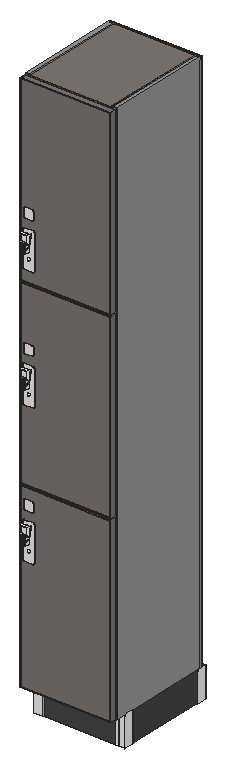
Revit family "Wood_Lockers_Hasps-Salsbury_Industries-43000_Series-1_Wide_Units.rfa", category Specialty Equipment, Revit 2016
Family settings
  Part Type = Normal
  Round Connector Dimension = Use Diameter
  OmniClass Number = 23.40.00.00
  OmniClass Title = Equipment and Furnishings
  Work Plane-Based = No
  Always vertical = Yes
  Cut with Voids When Loaded = No
  Shared = No
  Room Calculation Point = No
Parameters (values of type "43165")
  Width = 12.000"
  Version = "1.0  (01/31/24)"
  Unit Height including Sloping Hood Only [instance] = 77.743"
  Unit Height including Base Only [instance] = 76.000"
  URL = "www.lockers.com"
  Type Comments = "Premier Wood Lockers - Triple Tier - with Hasps"
  Total Doors Height [instance] = if(Unit Height = 72.000", 71.750", if(Unit Height = 60.000", 59.750", 0.000"))  # 71.750"
  Sloping Top Corner Filler - Right Side [instance] = Wood Locker Sloping Corner Fillers : None
  Sloping Top Corner Filler - Left Side [instance] = Wood Locker Sloping Corner Fillers : None
  Sloping In-Line Filler - Right Side [instance] = Wood Locker Sloping In-Line Fillers : None
  Sloping In-Line Filler - Left Side [instance] = Wood Locker Sloping In-Line Fillers : None
  Sloping Hood Height = if(Depth = 15.000", 5.743", if(Depth = 18.000", 6.868", if(Depth = 21.000", 7.993", if(Depth = 24.000", 9.118", 0.000"))))  # 5.743"
  Sloping Hood [instance] = Wood Locker Sloping Hoods : None
  Side Panel without Slope - Right Side [instance] = Wood Locker Side Panels-No Slope : None
  Side Panel without Slope - Left Side [instance] = Wood Locker Side Panels-No Slope : None
  Side Panel with Slope - Right Side [instance] = Wood Locker Side Panels-With Slope : None
  Side Panel with Slope - Left Side [instance] = Wood Locker Side Panels-With Slope : None
  Secondary Structure Materials = Particle Board Industrial Grade - Salsbury Finish - Black Melamine Overlay
  Primary Structure Materials = Particle Board Industrial Grade - Salsbury Finish - Plain
  Overall Unit Height including Base and Sloping Hood [instance] = 81.743"
  OmniClass 23 Title = "Equipment and Furnishings"
  OmniClass 23 Number = "23.40.00.00"
  Model = "43165"
  MasterFormat Title = "Lockers"
  MasterFormat Code = "10 51 23"
  Manufacturer = "Salsbury Industries"
  Laminate Surface [instance] = Industrial Grade Particleboard with Wood Laminate - Salsbury Finish - Skyline Walnut
  Interior Material = Textured Melamine - Salsbury Finish - White
  Individual Door Width [instance] = 11.875"
  Unit Height = 72.000"
  Individual Door Height = if(Unit Height = 72.000", 23.791", if(Unit Height = 60.000", 19.791", 0.000"))  # 23.791"
  Hardware = Aluminum - Salsbury Finish - Black Satin
  Front Vertical Filler - Right Side [instance] = Wood Locker Front Fillers : None
  Front Vertical Filler - Left Side [instance] = Wood Locker Front Fillers : None
  Front Corner Filler - Right Side [instance] = Wood Locker Front Corner Filler : None
  Front Corner Filler - Left Side [instance] = Wood Locker Front Corner Filler : None
  Flat Top In-Line Filler - Right Side [instance] = Wood Locker Flat In-Line Fillers : None
  Flat Top In-Line Filler - Left Side [instance] = Wood Locker Flat In-Line Fillers : None
  Flat Top Corner Filler - Right Side [instance] = Wood Locker Flat Corner Fillers : None
  Flat Top Corner Filler - Left Side [instance] = Wood Locker Flat Corner Fillers : None
  Fascia Filler [instance] = Wood Locker Fascia Fillers : None
  Double Side Panel without Slope - Right Side [instance] = Wood Locker Double Side Panels-No Slope : None
  Double Side Panel without Slope - Left Side [instance] = Wood Locker Double Side Panels-No Slope : None
  Double Side Panel with Slope - Right Side [instance] = Wood Locker Double Side Panels-With Slope : None
  Double Side Panel with Slope - Left Side [instance] = Wood Locker Double Side Panels-With Slope : None
  Door Location D3 = Premier Locker Doors_Hasp : Triple Tier Door-3 for Six Foot High Locker
  Door Location D2 = Premier Locker Doors_Hasp : Triple Tier Door-2 for Six Foot High Locker
  Door Location D1 = Premier Locker Doors_Hasp : Triple Tier Door-1 for Six Foot High Locker
  Description = "1 Wide - 6 Feet High - 15 inches Deep - with Base"
  Depth = 15.000"
  Compartment Width [instance] = 10.750"
  Compartment Height [instance] = if(Unit Height = 72.000", 23.000", if(Unit Height = 60.000", 19.000", 0.000"))  # 23.000"
  Compartment Depth [instance] = 13.750"
  Base Material = Particle Board Industrial Grade - Salsbury Finish - Black Melamine Overlay
  Base Height = 4.000"
  Base Depth [instance] = 13.250"
  Base = Wood Locker Bases : Base - 12" W x 15" D Lockers
  Assembly Code = "C1030310"
Reference planes (in)
  plane 1 "Center (Front/Back)": y = 0
  plane 2: z = 0
  plane 3 "Center (Left/Right)": x = 0
  plane 4 "Right Side of Unit": x = 6
  plane 5 "Left Side of Unit": x = -6
  plane 6 "Back of Unit": y = 7.5
  plane 7 "Front of Unit": y = -7.5
  plane 8 "Bottom of Base": z = 0
  plane 9 "Top Edge of Unit": z = 76
  plane 10 "Top of Base Edge": z = 4
  plane 11: z = 81.743
  plane 12 "Right Compartment Edge": x = 5.406
  plane 13 "Left Compartment Edge": x = -5.406
  plane 14 "Front Melamine Edge": y = -6.5
  plane 15 "Back Compartment Edge": y = 7.281
  plane 16 "Front Compartment Edge": y = -6.469
  plane 17 "Front Edge of Base": y = -5.125
  plane 18 "Bottom Edge of Door": z = 4.125
  plane 19 "Top Edge of Door": z = 75.875
  plane 20 "Bottom Compartment Edge": z = 4.75
  plane 21 "Top Compartment Edge": z = 75.25
  plane 22 "Center Top and Bottom": z = 40
  plane 23 "Left Melamine Edge": x = -5.375
  plane 24 "Right Melamine Edge": x = 5.375
  plane 25 "Back Melamine Edge": y = 7.25
  plane 26 "Left Edge of Door": x = -5.875
  plane 27: y = 8.125
  plane 28: y = -5.75
  plane 29 "Base / Ventillation Alignment": y = 8.125
  plane 30 "Compartment Shelf 2": z = 28.5
  plane 31: z = 27.75
  plane 32: z = 27.916
  plane 33: z = 28.104
  plane 34: z = 51.5
  plane 35 "Compartment Shelf 1": z = 52.25
  plane 36: z = 51.895
  plane 37: z = 52.083
  plane 38 "5" Shelf Top": z = 70.75
  plane 39: z = 70
  plane 40 "5" Shelf Center": z = 47
  plane 41: z = 46.25
  plane 42 "5" Shelf Bottom": z = 23.25
  plane 43: z = 22.5
  plane 44 "Front of Shelf": y = 2.25
  plane 45: y = 2.281
Forms (in)
  Extrusion 1, solid, material "Particle Board Industrial Grade - Salsbury Finish - Plain" <- "Primary Structure Materials"
    sketch origin (6, 0, 0) x (0, -1, 0) y (0, 0, 1)
      loop
        line (6.469, 76) -> (-7.25, 76) -> (-7.25, 4) -> (6.469, 4) -> (6.469, 76)
    from 0 to 0.594
  Extrusion 2, solid, material "Particle Board Industrial Grade - Salsbury Finish - Plain" <- "Primary Structure Materials"
    sketch origin (-6, 0, 0) x (0, -1, 0) y (0, 0, 1)
      loop
        line (-7.25, 76) -> (-7.25, 4) -> (6.469, 4) -> (6.469, 76) -> (-7.25, 76)
    from 0 to -0.594
  Extrusion 3, solid, material "Textured Melamine - Salsbury Finish - White" <- "Interior Material"
    sketch origin (0, 0, 4) x (0, -1, 0) y (1, 0, 0)
      loop
        line (-7.25, -5.375) -> (6.469, -5.375) -> (6.469, 5.375) -> (-7.25, 5.375) -> (-7.25, -5.375)
    from 0 to 0.75
  Extrusion 4, solid, material "Industrial Grade Particleboard with Wood Laminate - Salsbury Finish - Skyline Walnut" <- "Laminate Surface"
    sketch origin (0.375, 0.375, 76) x (1, 0, 0) y (0, 1, 0)
      loop
        line (-5.75, -6.875) -> (5, -6.875) -> (5, 6.875) -> (-5.75, 6.875) -> (-5.75, -6.875)
    from 0 to -0.75
  Extrusion 5, solid, material "Particle Board Industrial Grade - Salsbury Finish - Plain" <- "Primary Structure Materials"
    sketch origin (0, 7.5, 0) x (1, 0, 0) y (0, 0, 1)
      loop
        line (-6, 76) -> (-6, 4) -> (6, 4) -> (6, 76) -> (-6, 76)
    from 0 to 0.219
  Extrusion 6, solid, material "Industrial Grade Particleboard with Wood Laminate - Salsbury Finish - Skyline Walnut" <- "Laminate Surface"
    sketch origin (0, -6.469, 0) x (1, 0, 0) y (0, 0, 1)
      loop
        line (-6, 76) -> (-6, 4) -> (-5.375, 4) -> (-5.375, 76) -> (-6, 76)
    from 0 to 0.031
  Extrusion 7, solid, material "Industrial Grade Particleboard with Wood Laminate - Salsbury Finish - Skyline Walnut" <- "Laminate Surface"
    sketch origin (0, -6.469, 0) x (-1, 0, 0) y (0, 0, -1)
      loop
        line (-6, -76) -> (-5.375, -76) -> (-5.375, -4) -> (-6, -4) -> (-6, -76)
    from 0 to 0.031
  Extrusion 8, solid, material "Textured Melamine - Salsbury Finish - White" <- "Interior Material"
    sketch origin (0, 7.25, 0) x (1, 0, 0) y (0, 0, 1)
      loop
        line (-6, 76) -> (-6, 4) -> (6, 4) -> (6, 76) -> (-6, 76)
    from -0.031 to 0
  Extrusion 9, solid, material "Textured Melamine - Salsbury Finish - White" <- "Interior Material"
    sketch origin (-5.406, 0, 0) x (0, -1, 0) y (0, 0, 1)
      loop
        line (-7.25, 76) -> (-7.25, 4) -> (6.469, 4) -> (6.469, 76) -> (-7.25, 76)
    from 0 to -0.031
  Extrusion 10, solid, material "Textured Melamine - Salsbury Finish - White" <- "Interior Material"
    sketch origin (5.406, 0, 0) x (0, -1, 0) y (0, 0, 1)
      loop
        line (6.469, 76) -> (-7.25, 76) -> (-7.25, 4) -> (6.469, 4) -> (6.469, 76)
    from 0 to 0.031
  Extrusion 11, solid, material "Textured Melamine - Salsbury Finish - White" <- "Interior Material", detail levels fine
    sketch origin (0, 0, 28.5) x (0, -1, 0) y (1, 0, 0)
      loop
        line (-7.25, -5.375) -> (6.469, -5.375) -> (6.469, 5.375) -> (-7.25, 5.375) -> (-7.25, -5.375)
    from 0 to -0.75
  Extrusion 12, solid, material "Textured Melamine - Salsbury Finish - White" <- "Interior Material", detail levels fine
    sketch origin (0, 0, 52.25) x (0, -1, 0) y (1, 0, 0)
      loop
        line (-7.25, -5.375) -> (6.469, -5.375) -> (6.469, 5.375) -> (-7.25, 5.375) -> (-7.25, -5.375)
    from 0 to -0.75
  Extrusion 13, solid, material "Textured Melamine - Salsbury Finish - White" <- "Interior Material"
    sketch origin (0, 0, 70.75) x (0, -1, 0) y (1, 0, 0)
      loop
        line (-7.25, -5.375) -> (-2.281, -5.375) -> (-2.281, 5.375) -> (-7.25, 5.375) -> (-7.25, -5.375)
    from 0 to -0.75
  Extrusion 14, solid, material "Textured Melamine - Salsbury Finish - White" <- "Interior Material", detail levels fine
    sketch origin (0, 0, 47) x (0, -1, 0) y (1, 0, 0)
      loop
        line (-7.25, -5.375) -> (-2.281, -5.375) -> (-2.281, 5.375) -> (-7.25, 5.375) -> (-7.25, -5.375)
    from 0 to -0.75
  Extrusion 15, solid, material "Textured Melamine - Salsbury Finish - White" <- "Interior Material", detail levels fine
    sketch origin (0, 0, 23.25) x (0, -1, 0) y (1, 0, 0)
      loop
        line (-7.25, -5.375) -> (-2.281, -5.375) -> (-2.281, 5.375) -> (-7.25, 5.375) -> (-7.25, -5.375)
    from 0 to -0.75
  Extrusion 16, solid, material "Industrial Grade Particleboard with Wood Laminate - Salsbury Finish - Skyline Walnut" <- "Laminate Surface"
    sketch origin (0, -6.469, 0) x (1, 0, 0) y (0, 0, 1)
      loop
        line (-5.375, 52.25) -> (-5.375, 51.5) -> (5.375, 51.5) -> (5.375, 52.25) -> (-5.375, 52.25)
    from 0 to 0.031
  Extrusion 17, solid, material "Industrial Grade Particleboard with Wood Laminate - Salsbury Finish - Skyline Walnut" <- "Laminate Surface"
    sketch origin (0, -6.469, 0) x (1, 0, 0) y (0, 0, 1)
      loop
        line (-5.375, 28.5) -> (-5.375, 27.75) -> (5.375, 27.75) -> (5.375, 28.5) -> (-5.375, 28.5)
    from 0 to 0.031
  Extrusion 18, solid, material "Industrial Grade Particleboard with Wood Laminate - Salsbury Finish - Skyline Walnut" <- "Laminate Surface"
    sketch origin (0, -6.469, 0) x (1, 0, 0) y (0, 0, 1)
      loop
        line (-5.375, 4.75) -> (-5.375, 4) -> (5.375, 4) -> (5.375, 4.75) -> (-5.375, 4.75)
    from 0 to 0.031
  Extrusion 19, solid, material "Industrial Grade Particleboard with Wood Laminate - Salsbury Finish - Skyline Walnut" <- "Laminate Surface"
    sketch origin (0, 2.25, 0) x (1, 0, 0) y (0, 0, 1)
      loop
        line (-5.375, 23.25) -> (-5.375, 22.5) -> (5.375, 22.5) -> (5.375, 23.25) -> (-5.375, 23.25)
    from 0 to -0.031
  Extrusion 20, solid, material "Industrial Grade Particleboard with Wood Laminate - Salsbury Finish - Skyline Walnut" <- "Laminate Surface"
    sketch origin (0, 2.25, 0) x (1, 0, 0) y (0, 0, 1)
      loop
        line (-5.375, 47) -> (-5.375, 46.25) -> (5.375, 46.25) -> (5.375, 47) -> (-5.375, 47)
    from 0 to -0.031
  Extrusion 21, solid, material "Industrial Grade Particleboard with Wood Laminate - Salsbury Finish - Skyline Walnut" <- "Laminate Surface"
    sketch origin (0, 2.25, 0) x (1, 0, 0) y (0, 0, 1)
      loop
        line (-5.375, 70.75) -> (-5.375, 70) -> (5.375, 70) -> (5.375, 70.75) -> (-5.375, 70.75)
    from 0 to -0.031
Lines and regions (in)
  symbolic lines
    curve 1: line (-6, 7.25, 76) -> (6.00006, 7.25, 76)
    curve 2: line (-6, 7.25, 0) -> (-6, 7.25, 76)
    curve 3: line (6.00006, 7.25, 76) -> (6.00006, 7.25, 0)
    curve 4: line (5.406, -6.5, 76) -> (5.406, 8.125, 76)
    curve 5: line (5.406, -6.5, 0) -> (5.406, -6.5, 76)
    curve 6: line (5.406, 8.125, 76) -> (5.406, 8.125, 0)
    curve 7: line (6.00006, 7.25, 0) -> (-6, 7.25, 0)
    curve 8: line (5.406, -5.125, 0) -> (5.406, 8.125, 0)
    curve 9: line (5.406, 8.125, 0) -> (5.406, -5.125, 0)
    curve 10: line (5.406, -6.5, 0) -> (5.406, 8.125, 0)
    curve 11: line (-6, 8.125, 0) -> (6, 8.125, 0)
    curve 12: line (-6, -6.5, 0) -> (-6, 8.125, 0)
    curve 13: line (6, -6.5, 0) -> (-6, -6.5, 0)
    curve 14: line (6, 8.125, 0) -> (6, -6.5, 0)
Dimensions and locks (in)
  equal spacing: plane 5 "Left Side of Unit", plane 3 "Center (Left/Right)", plane 4 "Right Side of Unit"
  "Width": plane 5 "Left Side of Unit" to plane 4 "Right Side of Unit"
  equal spacing: plane 7 "Front of Unit", plane 1 "Center (Front/Back)", plane 6 "Back of Unit"
  "Depth": plane 7 "Front of Unit" to plane 6 "Back of Unit"
  "Base Height": plane 10 "Top of Base Edge" to plane 8 "Bottom of Base"
  "Unit Height": plane 9 "Top Edge of Unit" to plane 10 "Top of Base Edge"
  "Sloping Hood Height": plane 11 to plane 9 "Top Edge of Unit"
  locked: plane 12 "Right Compartment Edge" to plane 4 "Right Side of Unit" at 0.594
  locked: plane 5 "Left Side of Unit" to plane 13 "Left Compartment Edge" at 0.594
  locked: plane 7 "Front of Unit" to plane 14 "Front Melamine Edge" at 1
  locked: plane 15 "Back Compartment Edge" to plane 6 "Back of Unit" at 0.219
  locked: plane 14 "Front Melamine Edge" to plane 16 "Front Compartment Edge" at 0.031
  plane 18 "Bottom Edge of Door" to plane 10 "Top of Base Edge" = 0.125"
  plane 9 "Top Edge of Unit" to plane 19 "Top Edge of Door" = 0.125"
  plane 20 "Bottom Compartment Edge" to plane 10 "Top of Base Edge" = 0.750"
  plane 9 "Top Edge of Unit" to plane 21 "Top Compartment Edge" = 0.750"
  equal spacing: plane 9 "Top Edge of Unit", plane 22 "Center Top and Bottom", plane 10 "Top of Base Edge"
  locked: plane 24 "Right Melamine Edge" to plane 12 "Right Compartment Edge" at 0.031
  locked: plane 13 "Left Compartment Edge" to plane 23 "Left Melamine Edge" at 0.031
  locked: plane 25 "Back Melamine Edge" to plane 15 "Back Compartment Edge" at 0.031
  locked: plane 5 "Left Side of Unit" to plane 26 "Left Edge of Door" at 0.125
  "Individual Door Width": plane 26 "Left Edge of Door" to plane 4 "Right Side of Unit"
  "Total Doors Height": plane 19 "Top Edge of Door" to plane 18 "Bottom Edge of Door"
  "Unit Height including Base Only": plane 9 "Top Edge of Unit" to plane 8 "Bottom of Base"
  "Unit Height including Sloping Hood Only": plane 11 to plane 10 "Top of Base Edge"
  "Overall Unit Height including Base and Sloping Hood": plane 11 to plane 8 "Bottom of Base"
  locked: plane 7 "Front of Unit" to plane 17 "Front Edge of Base" at 2.375
  locked: plane 6 "Back of Unit" to plane 27 at 0.625
  "Base Depth": plane 17 "Front Edge of Base" to plane 27
  "Compartment Width": plane 23 "Left Melamine Edge" to plane 24 "Right Melamine Edge"
  "Compartment Height": plane 31 to plane 20 "Bottom Compartment Edge"
  "Compartment Depth": plane 14 "Front Melamine Edge" to plane 25 "Back Melamine Edge"
  locked: plane 14 "Front Melamine Edge" to plane 28 at 0.75
  plane 14 "Front Melamine Edge" to plane 27 = 14.625"
  Extrusion 2 to Extrusion 9 = 13.719"
  plane 6 "Back of Unit" to plane 29 "Base / Ventillation Alignment" = 0.625"
  locked: plane 30 "Compartment Shelf 2" to plane 31 at 0.75
  locked: plane 33 to plane 32 at 0.188
  "Individual Door Height": plane 32 to plane 18 "Bottom Edge of Door"
  locked: plane 35 "Compartment Shelf 1" to plane 34 at 0.75
  locked: plane 37 to plane 36 at 0.188
  "Compartment Height": plane 34 to plane 30 "Compartment Shelf 2"
  "Individual Door Height": plane 36 to plane 33
  locked: plane 38 "5" Shelf Top" to plane 39 at 0.75
  locked: plane 44 "Front of Shelf" to plane 25 "Back Melamine Edge" at 5
  locked: plane 21 "Top Compartment Edge" to plane 38 "5" Shelf Top" at 4.5
  locked: plane 40 "5" Shelf Center" to plane 41 at 0.75
  locked: plane 34 to plane 40 "5" Shelf Center" at 4.5
  locked: plane 42 "5" Shelf Bottom" to plane 43 at 0.75
  locked: plane 31 to plane 42 "5" Shelf Bottom" at 4.5
  locked: plane 44 "Front of Shelf" to plane 45 at 0.031
  aligned and locked: level to plane 2
  aligned and locked: plane 15 "Back Compartment Edge" to Extrusion 5
  aligned and locked: plane 4 "Right Side of Unit" to nested 1
  aligned and locked: plane 18 "Bottom Edge of Door" to nested 1
  aligned and locked: plane 7 "Front of Unit" to nested 1
  aligned and locked: plane 9 "Top Edge of Unit" to nested 2
  aligned and locked: plane 14 "Front Melamine Edge" to nested 2
  aligned and locked: plane 5 "Left Side of Unit" to nested 3
  aligned and locked: plane 14 "Front Melamine Edge" to nested 3
  aligned and locked: plane 9 "Top Edge of Unit" to nested 3
  aligned and locked: plane 4 "Right Side of Unit" to nested 4
  aligned and locked: nested 4 to plane 9 "Top Edge of Unit"
  aligned and locked: nested 4 to plane 14 "Front Melamine Edge"
  aligned and locked: plane 9 "Top Edge of Unit" to nested 5
  aligned and locked: plane 28 to nested 5
  aligned and locked: nested 6 to plane 28
  aligned and locked: plane 5 "Left Side of Unit" to nested 6
  aligned and locked: plane 4 "Right Side of Unit" to nested 5
  aligned and locked: nested 6 to plane 9 "Top Edge of Unit"
  aligned and locked: nested 8 to plane 5 "Left Side of Unit"
  aligned and locked: nested 7 to plane 4 "Right Side of Unit"
  aligned and locked: plane 14 "Front Melamine Edge" to nested 7
  aligned and locked: nested 8 to plane 14 "Front Melamine Edge"
  aligned and locked: plane 10 "Top of Base Edge" to nested 7
  aligned and locked: nested 8 to plane 10 "Top of Base Edge"
  aligned and locked: plane 5 "Left Side of Unit" to nested 9
  aligned and locked: plane 4 "Right Side of Unit" to nested 10
  aligned and locked: nested 10 to plane 10 "Top of Base Edge"
  aligned and locked: plane 10 "Top of Base Edge" to nested 9
  aligned and locked: plane 16 "Front Compartment Edge" to nested 10
  aligned and locked: nested 9 to plane 14 "Front Melamine Edge"
  aligned and locked: plane 4 "Right Side of Unit" to nested 11
  aligned and locked: nested 11 to plane 10 "Top of Base Edge"
  aligned and locked: plane 14 "Front Melamine Edge" to nested 11
  aligned and locked: plane 14 "Front Melamine Edge" to nested 12
  aligned and locked: nested 12 to nested 4
  aligned and locked: plane 10 "Top of Base Edge" to nested 12
  aligned and locked: nested 13 to plane 5 "Left Side of Unit"
  aligned and locked: nested 13 to plane 14 "Front Melamine Edge"
  aligned and locked: nested 13 to plane 10 "Top of Base Edge"
  aligned and locked: plane 14 "Front Melamine Edge" to nested 14
  aligned and locked: nested 14 to plane 4 "Right Side of Unit"
  aligned and locked: nested 15 to plane 14 "Front Melamine Edge"
  aligned and locked: nested 15 to plane 5 "Left Side of Unit"
  aligned and locked: plane 10 "Top of Base Edge" to nested 14
  aligned and locked: nested 15 to plane 10 "Top of Base Edge"
  aligned and locked: plane 14 "Front Melamine Edge" to nested 16
  aligned and locked: plane 4 "Right Side of Unit" to nested 16
  aligned and locked: nested 17 to plane 14 "Front Melamine Edge"
  aligned and locked: plane 5 "Left Side of Unit" to nested 17
  aligned and locked: nested 16 to plane 8 "Bottom of Base"
  aligned and locked: nested 17 to plane 8 "Bottom of Base"
  aligned and locked: nested 18 to plane 5 "Left Side of Unit"
  aligned and locked: nested 19 to plane 4 "Right Side of Unit"
  aligned and locked: nested 19 to plane 14 "Front Melamine Edge"
  aligned and locked: plane 14 "Front Melamine Edge" to nested 18
  aligned and locked: plane 8 "Bottom of Base" to nested 19
  aligned and locked: nested 18 to plane 8 "Bottom of Base"
  aligned and locked: plane 17 "Front Edge of Base" to nested 20
  aligned and locked: plane 9 "Top Edge of Unit" to nested 21
  aligned and locked: plane 5 "Left Side of Unit" to nested 21
  aligned and locked: nested 22 to plane 9 "Top Edge of Unit"
  aligned and locked: plane 4 "Right Side of Unit" to nested 22
  aligned and locked: nested 22 to plane 14 "Front Melamine Edge"
  aligned and locked: nested 21 to plane 14 "Front Melamine Edge"
  aligned and locked: nested 24 to plane 9 "Top Edge of Unit"
  aligned and locked: plane 4 "Right Side of Unit" to nested 24
  aligned and locked: nested 23 to plane 9 "Top Edge of Unit"
  aligned and locked: plane 5 "Left Side of Unit" to nested 23
  aligned and locked: nested 24 to plane 28
  aligned and locked: nested 23 to plane 28
  aligned and locked: plane 14 "Front Melamine Edge" to nested 25
  aligned and locked: plane 9 "Top Edge of Unit" to nested 25
  aligned and locked: plane 8 "Bottom of Base" to nested 20
  aligned and locked: plane 3 "Center (Left/Right)" to nested 20
  aligned and locked: plane 25 "Back Melamine Edge" to Extrusion 3 sketch curve
  aligned and locked: Extrusion 3 sketch curve to plane 23 "Left Melamine Edge"
  aligned and locked: plane 24 "Right Melamine Edge" to Extrusion 3 sketch curve
  aligned and locked: Extrusion 4 to plane 9 "Top Edge of Unit"
  aligned and locked: plane 21 "Top Compartment Edge" to Extrusion 4
  aligned and locked: Extrusion 2 sketch curve to plane 9 "Top Edge of Unit"
  aligned and locked: plane 16 "Front Compartment Edge" to Extrusion 2 sketch curve
  aligned and locked: Extrusion 2 sketch curve to plane 25 "Back Melamine Edge"
  aligned and locked: plane 10 "Top of Base Edge" to Extrusion 2 sketch curve
  aligned and locked: Extrusion 2 to plane 13 "Left Compartment Edge"
  aligned and locked: plane 5 "Left Side of Unit" to Extrusion 2
  aligned and locked: plane 10 "Top of Base Edge" to Extrusion 9 sketch curve
  aligned and locked: Extrusion 9 sketch curve to plane 25 "Back Melamine Edge"
  aligned and locked: Extrusion 9 sketch curve to plane 9 "Top Edge of Unit"
  aligned and locked: Extrusion 1 sketch curve to plane 16 "Front Compartment Edge"
  aligned and locked: plane 9 "Top Edge of Unit" to Extrusion 1 sketch curve
  aligned and locked: Extrusion 1 sketch curve to plane 10 "Top of Base Edge"
  aligned and locked: plane 25 "Back Melamine Edge" to Extrusion 1 sketch curve
  aligned and locked: Extrusion 1 to plane 4 "Right Side of Unit"
  aligned and locked: plane 12 "Right Compartment Edge" to Extrusion 1
  aligned and locked: Extrusion 10 sketch curve to plane 10 "Top of Base Edge"
  aligned and locked: plane 25 "Back Melamine Edge" to Extrusion 10 sketch curve
  aligned and locked: Extrusion 10 sketch curve to plane 16 "Front Compartment Edge"
  aligned and locked: plane 9 "Top Edge of Unit" to Extrusion 10 sketch curve
  aligned and locked: Extrusion 10 to plane 12 "Right Compartment Edge"
  aligned and locked: plane 24 "Right Melamine Edge" to Extrusion 10
  aligned and locked: Extrusion 8 sketch curve to plane 10 "Top of Base Edge"
  aligned and locked: plane 4 "Right Side of Unit" to Extrusion 8 sketch curve
  aligned and locked: plane 9 "Top Edge of Unit" to Extrusion 8 sketch curve
  aligned and locked: Extrusion 8 sketch curve to plane 5 "Left Side of Unit"
  aligned and locked: Extrusion 8 to plane 15 "Back Compartment Edge"
  aligned and locked: plane 25 "Back Melamine Edge" to Extrusion 8
  aligned and locked: plane 9 "Top Edge of Unit" to Extrusion 5 sketch curve
  aligned and locked: Extrusion 5 sketch curve to plane 5 "Left Side of Unit"
  aligned and locked: Extrusion 5 sketch curve to plane 10 "Top of Base Edge"
  aligned and locked: plane 4 "Right Side of Unit" to Extrusion 5 sketch curve
  aligned and locked: Extrusion 7 sketch curve to plane 9 "Top Edge of Unit"
  aligned and locked: Extrusion 7 sketch curve to plane 4 "Right Side of Unit"
  aligned and locked: plane 24 "Right Melamine Edge" to Extrusion 7 sketch curve
  aligned and locked: plane 10 "Top of Base Edge" to Extrusion 7 sketch curve
  aligned and locked: Extrusion 7 to plane 16 "Front Compartment Edge"
  aligned and locked: plane 14 "Front Melamine Edge" to Extrusion 7
  aligned and locked: Extrusion 6 sketch curve to plane 10 "Top of Base Edge"
  aligned and locked: plane 23 "Left Melamine Edge" to Extrusion 6 sketch curve
  aligned and locked: Extrusion 6 sketch curve to plane 5 "Left Side of Unit"
  aligned and locked: plane 9 "Top Edge of Unit" to Extrusion 6 sketch curve
  aligned and locked: Extrusion 6 to plane 16 "Front Compartment Edge"
  aligned and locked: plane 14 "Front Melamine Edge" to Extrusion 6
  aligned and locked: plane 16 "Front Compartment Edge" to Extrusion 9
  aligned and locked: plane 13 "Left Compartment Edge" to Extrusion 9
  aligned and locked: nested 3 to curve 1
  aligned and locked: curve 2 to nested 17
  aligned and locked: curve 4 to nested 2
  aligned and locked: nested 16 to curve 5
  aligned and locked: curve 9 to nested 20
  aligned and locked: curve 10 to nested 16
  aligned and locked: curve 13 to plane 14 "Front Melamine Edge"
  aligned and locked: curve 12 to plane 5 "Left Side of Unit"
  aligned and locked: plane 29 "Base / Ventillation Alignment" to curve 11
  aligned and locked: plane 3 "Center (Left/Right)" to nested 2
  aligned and locked: plane 3 "Center (Left/Right)" to nested 25
  aligned and locked: plane 29 "Base / Ventillation Alignment" to curve 6
  aligned and locked: plane 25 "Back Melamine Edge" to Extrusion 11 sketch curve
  aligned and locked: Extrusion 11 sketch curve to plane 23 "Left Melamine Edge"
  aligned and locked: plane 24 "Right Melamine Edge" to Extrusion 11 sketch curve
  aligned and locked: plane 25 "Back Melamine Edge" to Extrusion 12 sketch curve
  aligned and locked: plane 24 "Right Melamine Edge" to Extrusion 12 sketch curve
  aligned and locked: Extrusion 12 sketch curve to plane 23 "Left Melamine Edge"
  aligned and locked: plane 33 to nested 26
  aligned and locked: plane 4 "Right Side of Unit" to nested 26
  aligned and locked: plane 4 "Right Side of Unit" to nested 27
  aligned and locked: plane 37 to nested 27
  aligned and locked: plane 7 "Front of Unit" to nested 27
  aligned and locked: plane 7 "Front of Unit" to nested 26
  aligned and locked: Extrusion 13 to plane 38 "5" Shelf Top"
  aligned and locked: plane 39 to Extrusion 13
  aligned and locked: plane 23 "Left Melamine Edge" to Extrusion 13
  aligned and locked: Extrusion 13 to plane 24 "Right Melamine Edge"
  aligned and locked: Extrusion 13 to plane 25 "Back Melamine Edge"
  aligned and locked: Extrusion 14 to plane 40 "5" Shelf Center"
  aligned and locked: plane 41 to Extrusion 14
  aligned and locked: plane 23 "Left Melamine Edge" to Extrusion 14
  aligned and locked: Extrusion 14 to plane 24 "Right Melamine Edge"
  aligned and locked: Extrusion 14 to plane 25 "Back Melamine Edge"
  aligned and locked: Extrusion 15 to plane 42 "5" Shelf Bottom"
  aligned and locked: plane 43 to Extrusion 15
  aligned and locked: plane 23 "Left Melamine Edge" to Extrusion 15
  aligned and locked: Extrusion 15 to plane 24 "Right Melamine Edge"
  aligned and locked: Extrusion 15 to plane 25 "Back Melamine Edge"
  aligned and locked: plane 14 "Front Melamine Edge" to Extrusion 4
  aligned and locked: plane 16 "Front Compartment Edge" to Extrusion 12
  aligned and locked: plane 16 "Front Compartment Edge" to Extrusion 11
  aligned and locked: plane 16 "Front Compartment Edge" to Extrusion 3
  aligned and locked: Extrusion 16 sketch curve to Extrusion 12  (x4)
  aligned and locked: plane 14 "Front Melamine Edge" to Extrusion 16
  aligned and locked: Extrusion 16 to plane 16 "Front Compartment Edge"
  aligned and locked: Extrusion 17 sketch curve to Extrusion 11  (x4)
  aligned and locked: Extrusion 18 sketch curve to Extrusion 3  (x3)
  aligned and locked: Extrusion 7 to Extrusion 18 sketch curve
  aligned and locked: plane 45 to Extrusion 13
  aligned and locked: Extrusion 14 to Extrusion 13
  aligned and locked: Extrusion 15 to Extrusion 13
  aligned and locked: Extrusion 19 sketch curve to Extrusion 15  (x4)
  aligned and locked: plane 44 "Front of Shelf" to Extrusion 19
  aligned and locked: Extrusion 19 to Extrusion 13
  aligned and locked: Extrusion 20 sketch curve to Extrusion 14  (x4)
  aligned and locked: plane 44 "Front of Shelf" to Extrusion 20
  aligned and locked: Extrusion 20 to Extrusion 13
  aligned and locked: Extrusion 21 sketch curve to Extrusion 13  (x4)
  aligned and locked: plane 44 "Front of Shelf" to Extrusion 21
  aligned and locked: Extrusion 21 to Extrusion 13
Automatic sketch dimensions
  Extrusion 9 sketch curve to plane 16 "Front Compartment Edge" = 0.000"
  curve 3 to level = 0.000"
  curve 3 to plane 4 "Right Side of Unit" = 0.00006"
  curve 8 to plane 17 "Front Edge of Base" = 0.000"
  curve 9 to plane 17 "Front Edge of Base" = 0.000"
  curve 13 to plane 4 "Right Side of Unit" = 0.000"
  Extrusion 14 sketch curve to plane 24 "Right Melamine Edge" = 0.000"
  plane 25 "Back Melamine Edge" to Extrusion 14 sketch curve = 0.000"
  Extrusion 14 sketch curve to plane 23 "Left Melamine Edge" = 0.000"
  Extrusion 14 sketch curve to plane 44 "Front of Shelf" = 0.031"
  plane 24 "Right Melamine Edge" to Extrusion 15 sketch curve = 0.000"
  Extrusion 15 sketch curve to plane 25 "Back Melamine Edge" = 0.000"
  Extrusion 15 sketch curve to plane 14 "Front Melamine Edge" = 8.781"
  Extrusion 15 sketch curve to plane 23 "Left Melamine Edge" = 0.000"
  Extrusion 4 sketch curve to plane 5 "Left Side of Unit" = 0.625"
  plane 17 "Front Edge of Base" to Extrusion 4 sketch curve = 1.375"
  plane 4 "Right Side of Unit" to Extrusion 4 sketch curve = 0.625"
  plane 25 "Back Melamine Edge" to Extrusion 4 sketch curve = 0.000"
  Extrusion 13 sketch curve to plane 24 "Right Melamine Edge" = 0.000"
  plane 25 "Back Melamine Edge" to Extrusion 13 sketch curve = 0.000"
  Extrusion 13 sketch curve to plane 23 "Left Melamine Edge" = 0.000"
  Extrusion 13 sketch curve to plane 44 "Front of Shelf" = 0.031"
  Extrusion 12 sketch curve to plane 14 "Front Melamine Edge" = 0.031"
  Extrusion 11 sketch curve to plane 14 "Front Melamine Edge" = 0.031"
  Extrusion 3 sketch curve to plane 14 "Front Melamine Edge" = 0.031"
Nested families (in)
  nested 1: "Premier Locker Doors_Hasp" at (0.0625, -7.125, 4.125), type <- "Door Location D3", type "Triple Tier Door-3 for Six Foot High Locker"
  nested 2: "Wood Locker Sloping Hoods" at (0, 0.8125, 76), type <- "Sloping Hood", type "None"
  nested 3: "Wood Locker Sloping Corner Fillers" at (-15.25, 0.5, 76), type <- "Sloping Top Corner Filler - Left Side", type "None"
  nested 4: "Wood Locker Sloping Corner Fillers" at (15.25, 0.5, 76) x (-1, 0, 0) z (0, 0, 1), type <- "Sloping Top Corner Filler - Right Side", type "None"
  nested 5: "Wood Locker Flat Corner Fillers" at (13.5, -2.125, 75.25), type <- "Flat Top Corner Filler - Right Side", type "None"
  nested 6: "Wood Locker Flat Corner Fillers" at (-13.5, -2.125, 75.25) x (-1, 0, 0) z (0, 0, 1), type <- "Flat Top Corner Filler - Left Side", type "None"
  nested 7: "Wood Locker Side Panels-No Slope" at (6.375, 0.5, 4) x (0, 1, 0) z (0, 0, 1), type <- "Side Panel without Slope - Right Side", type "None"
  nested 8: "Wood Locker Side Panels-No Slope" at (-6.375, 0.5, 4) x (0, 1, 0) z (0, 0, 1), type <- "Side Panel without Slope - Left Side", type "None"
  nested 9: "Wood Locker Side Panels-With Slope" at (-6.375, 0.8125, 4) x (0, -1, 0) z (0, 0, 1), type <- "Side Panel with Slope - Left Side", type "None"
  nested 10: "Wood Locker Side Panels-With Slope" at (6.375, 0.8435, 4) x (0, -1, 0) z (0, 0, 1), type <- "Side Panel with Slope - Right Side", type "None"
  nested 11: "Wood Locker Side Panels-With Slope" at (6.375, 0.8125, 4) x (0, -1, 0) z (0, 0, 1), type <- "Side Panel with Slope - Right Side", type "None"
  nested 12: "Wood Locker Double Side Panels-No Slope" at (6.375, 0.5, 4) x (0, 1, 0) z (0, 0, 1), type <- "Double Side Panel without Slope - Right Side", type "None"
  nested 13: "Wood Locker Double Side Panels-No Slope" at (-6.375, 0.5, 4) x (0, 1, 0) z (0, 0, 1), type <- "Double Side Panel without Slope - Left Side", type "None"
  nested 14: "Wood Locker Double Side Panels-With Slope" at (6.375, 0.5, 4) x (0, 1, 0) z (0, 0, 1), type <- "Double Side Panel with Slope - Right Side", type "None"
  nested 15: "Wood Locker Double Side Panels-With Slope" at (-6.375, 0.5, 4) x (0, 1, 0) z (0, 0, 1), type <- "Double Side Panel with Slope - Left Side", type "None"
  nested 16: "Wood Locker Front Fillers" at (13.5, -6.125, 0), type <- "Front Vertical Filler - Right Side", type "None"
  nested 17: "Wood Locker Front Fillers" at (-13.5, -6.125, 0) x (-1, 0, 0) z (0, 0, 1), type <- "Front Vertical Filler - Left Side", type "None"
  nested 18: "Wood Locker Front Corner Filler" at (-7.125, -6.125, 0), type <- "Front Corner Filler - Left Side", type "None"
  nested 19: "Wood Locker Front Corner Filler" at (7.125, -6.125, 0) x (-1, 0, 0) z (0, 0, 1), type <- "Front Corner Filler - Right Side", type "None"
  nested 20: "Wood Locker Bases" at (0, 1.5, 0), type <- "Base", type "Base - 12" W x 15" D Lockers"
  nested 21: "Wood Locker Sloping In-Line Fillers" at (-12, 0.5, 76), type <- "Sloping In-Line Filler - Left Side", type "None"
  nested 22: "Wood Locker Sloping In-Line Fillers" at (12, 0.5, 76) x (-1, 0, 0) z (0, 0, 1), type <- "Sloping In-Line Filler - Right Side", type "None"
  nested 23: "Wood Locker Flat In-Line Fillers" at (-13.5, 0.875, 75.25), type <- "Flat Top In-Line Filler - Left Side", type "None"
  nested 24: "Wood Locker Flat In-Line Fillers" at (13.5, 0.875, 75.25) x (-1, 0, 0) z (0, 0, 1), type <- "Flat Top In-Line Filler - Right Side", type "None"
  nested 25: "Wood Locker Fascia Fillers" at (0, -6.125, 76), type <- "Fascia Filler", type "None"
  nested 26: "Premier Locker Doors_Hasp" at (0.0625, -7.125, 28.104), type <- "Door Location D2", type "Triple Tier Door-2 for Six Foot High Locker"
  nested 27: "Premier Locker Doors_Hasp" at (0.0625, -7.125, 52.083), type <- "Door Location D1", type "Triple Tier Door-1 for Six Foot High Locker"
Definition of nested family "Premier Locker Doors_Hasp"
  Parameters (values of type "Single Tier Door for Six Foot High Locker")
    Width = 11.875"
    Visible Number Plates = yes
    Visible Center Hinge = yes
    Primary Structure Materials = none
    Number Tag-Vertical Offset = 31.625"
    Number Tag-Horizontal Offset = 10.750"
    Number Tag Width = 1.250"
    Number Tag Height = 1.250"
    Model = "Premier Locker Doors"
    Manufacturer = "Salsbury Industries"
    Lock Width = 1.500"
    Lock Height = 4.875"
    Laminate Surface = none
    Height = 71.750"
    Lock Vertical Offset = 35.875"
    Lock Horizontal Offset = 0.375"
    Door Trim = none
    Door Hasps = none
    Depth = 0.750"
    Default Elevation = 48.000"
  Types (8): name | Visible Center Hinge | Number Tag-Vertical Offset | Height | Lock Vertical Offset
    Single Tier Door for Six Foot High Locker | yes | 31.625" | 71.750" | 35.875"
    Double Tier Door-1 for Six Foot High Locker | no | 27.641" | 35.781" | 31.891"
    Double Tier Door-2 for Six Foot High Locker | yes | 2.078" | 35.781" | 6.328"
    Triple Tier Door-1 for Six Foot High Locker | no | 15.651" | 23.791" | 19.901"
    Triple Tier Door-2 for Six Foot High Locker | no | 7.646" | 23.791" | 11.896"
    Triple Tier Door-3 for Six Foot High Locker | no | 2.078" | 23.791" | 6.328"
    Four Tier Door for Six Foot High Locker | no | 4.647" | 17.796" | 8.897"
    Six Tier Door for Six Foot High Locker | no | 1.650" | 11.801" | 5.900"
  Reference planes (in)
    plane 1 "Center (Front/Back)": y = 0
    plane 2: z = 0
    plane 3 "Center (Left/Right)": x = 0
    plane 4 "Left Side of Door": x = -5.9375
    plane 5 "Right Side of Door": x = 5.9375
    plane 6 "Back of Door": y = 0.375
    plane 7 "Front of Door": y = -0.375
    plane 8 "Bottom of Door": z = 0
    plane 9 "Top of Door": z = 71.75
    plane 10 "Center of Door": z = 35.875
    plane 11 "Top of Number Tag": z = 40.75
    plane 12 "Bottom of Number Tag": z = 39.5
    plane 13 "Left Side of Number Tag": x = -5.4375
    plane 14 "Right Side of Number Tag": x = -4.1875
    plane 15 "Horizontal Center of Number Tag": x = -4.8125
    plane 16 "Center of Number Tag": z = 40.125
    plane 17 "Left Side of Lock": x = -5.5625
    plane 18 "Right Side of Lock": x = -4.0625
    plane 19 "Lock Vertical Center": z = 35.875
    plane 20 "Top of Lock": z = 38.3125
    plane 21 "Bottom of Lock": z = 33.4375
    plane 22 "Front of Hasp Stud": y = -0.5
    plane 23 "Left Side of Door-Right Side of Trim": x = -5.8125
    plane 24 "Right Side of Door-Left Side of Trim": x = 5.8125
    plane 25 "Top of Door-Bottom of Trim": z = 71.625
    plane 26 "Bottom of Door-Top of Trim": z = 0.125
    plane 27 "Laminate-Particleboard Line": y = -0.344
    plane 28 "Melamine-Particleboard Line": y = 0.344
    plane 29 "Back of Number Plate Inset": y = -0.313
    plane 30 "Center of Lock": x = -4.8125
    plane 31: y = -0.188
    plane 32 "Door Stopper Plane": y = 0.625
    plane 33: x = -5.4875
    plane 34: z = 71.3
    plane 35 "Top Hinge": z = 68.75
    plane 36: x = 5.3125
    plane 37 "Bottom Hinge": z = 3
    plane 38 "Inner Knob": y = -1.094
    plane 39 "Front of Knob": y = -1.125
    plane 40: z = 37.1875
    plane 41: z = 34.5625
    plane 42: z = 38.1875
    plane 43: x = -4.1875
    plane 44: x = -5.4375
    plane 45: z = 36.9375
    plane 46 "Top of Hole": z = 36.8125
    plane 47: x = -4.6245
    plane 48: x = -5.0005
    plane 49 "Bottom of Hole": z = 35.5625
    plane 50 "Stud Alignment": z = 34.8125
    plane 51 "Center of Handle": z = 37.5625
    plane 52: z = 37.7505
    plane 53: z = 37.3745
    plane 54: z = 37.96546
    plane 55: z = 37.15954
    plane 56 "Front of Latch": y = -1
    plane 57: z = 36.6844
    plane 58: z = 35.6844
    plane 59: z = 36.1844
    plane 60: x = 5.3435
    plane 61: z = 36.6245
    plane 62: z = 35.74816
  Forms (in)
    Extrusion 1, solid, detail levels fine
      sketch origin (0, 0, 0) x (1, 0, 0) y (0, 0, 1)
        loop
          line (-5.9065, 0.031) -> (5.9065, 0.031) -> (5.9065, 71.719) -> (-5.9065, 71.719) -> (-5.9065, 0.031)
      from -0.344 to 0.344
    Extrusion 2, solid, material <- "Laminate Surface", detail levels fine
      sketch origin (0, 0.375, 0) x (1, 0, 0) y (0, 0, 1)
        loop
          line (-5.9065, 0.031) -> (5.9065, 0.031) -> (5.9065, 71.719) -> (-5.9065, 71.719) -> (-5.9065, 0.031)
      from 0.031 to 0
    Extrusion 3, solid, material <- "Laminate Surface"
      sketch origin (0, -0.375, 0) x (1, 0, 0) y (0, 0, 1)
        loop
          line (-5.9065, 0.031) -> (5.9065, 0.031) -> (5.9065, 71.719) -> (-5.9065, 71.719) -> (-5.9065, 0.031)
      from 0 to -0.031
    Sweep 4, solid, material <- "Door Trim"
      path origin (0, 0, 0) x (1, 0, 0) y (0, 0, 1)
        loop
          line (5.8125, 71.625) -> (-5.8125, 71.625) -> (-5.8125, 0.125) -> (5.8125, 0.125) -> (5.8125, 71.625)
      profile origin (0, 0, 71.625) x (0, 0, -1) y (0, -1, 0)
        loop
          line (-0.125, 0.375) -> (-0.125, -0.375) -> (-0.094, -0.375) -> (-0.094, 0.375) -> (-0.125, 0.375)
    Extrusion 5, void
      sketch origin (-1.875, -0.313, 0) x (1, 0, 0) y (0, 0, 1)
        loop
          arc (-3.41334, 40.75) -> (-3.51881, 40.70631) -> (-3.5625, 40.60084) r 0.14916
          line (-3.5625, 40.60084) -> (-3.5625, 39.64916)
          arc (-3.5625, 39.64916) -> (-3.51881, 39.54369) -> (-3.41334, 39.5) r 0.14916
          line (-3.41334, 39.5) -> (-2.46166, 39.5)
          arc (-2.46166, 39.5) -> (-2.35619, 39.54369) -> (-2.3125, 39.64916) r 0.14916
          line (-2.3125, 39.64916) -> (-2.3125, 40.60084)
          arc (-2.3125, 40.60084) -> (-2.35619, 40.70631) -> (-2.46166, 40.75) r 0.14916
          line (-2.46166, 40.75) -> (-3.41334, 40.75)
      from 0 to 0.062
    Extrusion 6, solid, visible <- "Visible Number Plates", detail levels medium+fine
      sketch origin (-1.875, -0.375, 0) x (1, 0, 0) y (0, 0, 1)
        loop
          arc (-3.41334, 40.75) -> (-3.51881, 40.70631) -> (-3.5625, 40.60084) r 0.14916
          line (-3.5625, 40.60084) -> (-3.5625, 39.64916)
          arc (-3.5625, 39.64916) -> (-3.51881, 39.54369) -> (-3.41334, 39.5) r 0.14916
          line (-3.41334, 39.5) -> (-2.46166, 39.5)
          arc (-2.46166, 39.5) -> (-2.35619, 39.54369) -> (-2.3125, 39.64916) r 0.14916
          line (-2.3125, 39.64916) -> (-2.3125, 40.60084)
          arc (-2.3125, 40.60084) -> (-2.35619, 40.70631) -> (-2.46166, 40.75) r 0.14916
          line (-2.46166, 40.75) -> (-3.41334, 40.75)
      from -0.062 to 0
    Extrusion 7, solid, detail levels medium+fine
      sketch origin (0, 0.375, 0) x (1, 0, 0) y (0, 0, 1)
        loop
          circle (-5.4875, 71.3) r 0.25
      from 0 to -0.25
    Extrusion 8, solid, detail levels medium+fine
      sketch origin (0, 0.375, 0) x (1, 0, 0) y (0, 0, 1)
        loop
          line (5.3125, 68.5) -> (5.3125, 69) -> (4.8125, 69) -> (4.8125, 68.5) -> (5.3125, 68.5)
      from 0 to -0.25
    Extrusion 9, solid, detail levels medium+fine
      sketch origin (0, 0.375, -0.25) x (1, 0, 0) y (0, 0, 1)
        loop
          line (5.3125, 3) -> (5.3125, 3.5) -> (4.8125, 3.5) -> (4.8125, 3) -> (5.3125, 3)
      from 0 to -0.25
    Extrusion 10, solid, visible <- "Visible Center Hinge", detail levels medium+fine
      sketch origin (0, 0.375, -0.25) x (1, 0, 0) y (0, 0, 1)
        loop
          line (5.3125, 35.875) -> (5.3125, 36.375) -> (4.8125, 36.375) -> (4.8125, 35.875) -> (5.3125, 35.875)
      from 0 to -0.25
    Extrusion 11, void
      sketch origin (-1.875, -0.375, 0) x (1, 0, 0) y (0, 0, 1)
        loop
          arc (-3.5625, 38.3125) -> (-3.65089, 38.27589) -> (-3.6875, 38.1875) r 0.125
          line (-3.6875, 38.1875) -> (-3.6875, 33.5625)
          arc (-3.6875, 33.5625) -> (-3.65089, 33.47411) -> (-3.5625, 33.4375) r 0.125
          line (-3.5625, 33.4375) -> (-2.3125, 33.4375)
          arc (-2.3125, 33.4375) -> (-2.22411, 33.47411) -> (-2.1875, 33.5625) r 0.125
          line (-2.1875, 33.5625) -> (-2.1875, 38.1875)
          arc (-2.1875, 38.1875) -> (-2.22411, 38.27589) -> (-2.3125, 38.3125) r 0.125
          line (-2.3125, 38.3125) -> (-3.5625, 38.3125)
      from -0.062 to 0
    Extrusion 12, solid
      sketch origin (-1.875, -0.375, 0) x (1, 0, 0) y (0, 0, 1)
        loop
          line (-2.3125, 38.3125) -> (-3.5625, 38.3125)
          arc (-3.5625, 38.3125) -> (-3.65089, 38.27589) -> (-3.6875, 38.1875) r 0.125
          line (-3.6875, 38.1875) -> (-3.6875, 33.5625)
          arc (-3.6875, 33.5625) -> (-3.65089, 33.47411) -> (-3.5625, 33.4375) r 0.125
          line (-3.5625, 33.4375) -> (-2.3125, 33.4375)
          arc (-2.3125, 33.4375) -> (-2.22411, 33.47411) -> (-2.1875, 33.5625) r 0.125
          line (-2.1875, 33.5625) -> (-2.1875, 38.1875)
          arc (-2.1875, 38.1875) -> (-2.22411, 38.27589) -> (-2.3125, 38.3125) r 0.125
      from 0 to -0.062
    Extrusion 13, void
      sketch origin (-1.875, -0.375, 0) x (1, 0, 0) y (0, 0, 1)
        loop
          line (-3.1255, 36.6245) -> (-3.1255, 35.74816)
          arc (-3.1255, 35.74816) -> (-2.9375, 35.56016) -> (-2.7495, 35.74816) r 0.188
          line (-2.7495, 35.74816) -> (-2.7495, 36.6245)
          arc (-2.7495, 36.6245) -> (-2.9375, 36.8125) -> (-3.1255, 36.6245) r 0.188
      from 0 to -0.75
    Sweep 14, solid, detail levels medium+fine
      path origin (-1.875, -0.375, 0) x (1, 0, 0) y (0, 0, 1)
        loop
          circle (-2.9375, 34.8125) r 0.01
      profile origin (-4.8125, -0.375, 34.8225) x (0, 0, -1) y (0, -1, 0)
        loop
          line (0, 0) -> (0, 0.125)
          arc (0, 0.125) -> (-0.10032, 0.09036) -> (-0.156, 0) r 0.15776
          line (-0.156, 0) -> (0, 0)
    Extrusion 15, solid, detail levels medium+fine
      sketch origin (-1.875, -0.375, 0) x (1, 0, 0) y (0, 0, 1)
        loop
          circle (-2.9375, 34.8125) r 0.01
      from 0 to 0.125
    Sweep 16, solid
      path origin (-1.875, -0.375, 0) x (1, 0, 0) y (0, 0, 1)
        loop
          line (-3.5625, 38.1875) -> (-3.5625, 36.9375) -> (-2.3125, 36.9375) -> (-2.3125, 38.1875) -> (-3.5625, 38.1875)
      profile origin (-4.8125, -0.375, 38.1875) x (0, 0, 1) y (0, -1, 0)
        loop
          line (-0.38067, 0) -> (-0.38067, 0.24142)
          arc (-0.38067, 0.24142) -> (-0.34525, 0.34191) -> (-0.25465, 0.39797) r 0.16024
          arc (-0.25465, 0.39797) -> (-0.10494, 0.46941) -> (0, 0.59789) r 0.37946
          spline (0, 0.59789) -> (-0.00179, 0.61485) -> (-0.00715, 0.6316) -> (-0.01601, 0.64793) -> (-0.02825, 0.66364) -> (-0.04373, 0.67852) -> (-0.06225, 0.6924) -> (-0.08358, 0.7051) -> (-0.10745, 0.71647) -> (-0.13357, 0.72635) -> (-0.16161, 0.73463) -> (-0.19123, 0.74121) -> (-0.22204, 0.746)
          arc (-0.22204, 0.746) -> (-0.31051, 0.60028) -> (-0.42829, 0.47704) r 0.78682
          arc (-0.42829, 0.47704) -> (-0.50625, 0.37521) -> (-0.53396, 0.25) r 0.29673
          line (-0.53396, 0.25) -> (-0.53396, 0) -> (-0.38067, 0)
    Blend 17, solid
      base sketch origin (-1.875, -1.125, 0) x (0, 0, -1) y (-1, 0, 0)
        loop
          line (-37.96546, 3.34046) -> (-37.96546, 2.53454) -> (-37.15954, 2.53454) -> (-37.15954, 3.34046) -> (-37.96546, 3.34046)
      top sketch origin (-1.875, -1.125, 0) x (0, 0, -1) y (-1, 0, 0)
        loop
          line (-37.93279, 3.30777) -> (-37.93279, 2.56715) -> (-37.19211, 2.56715) -> (-37.19211, 3.30777) -> (-37.93279, 3.30777)
      from 0 to 0.031
    Extrusion 18, solid
      sketch origin (-4.8125, 0, 0) x (0, 0, -1) y (0, -1, 0)
        loop
          line (-35.6844, 1) -> (-36.6844, 1) -> (-36.6844, -0.375) -> (-35.6844, -0.375) -> (-35.6844, 1)
      from -0.063 to 0.063
    Extrusion 19, void
      sketch origin (-4.8125, 35.51803, 36.85077) x (0, 1, 0) y (0, 0, -1)
        loop
          circle (-36.1844, 0.66637) r 0.25
      from -0.063 to 0.063
  Cuts and joins
    Extrusion 5, Extrusion 13 cuts Extrusion 1
    Extrusion 5, Extrusion 11 cuts Extrusion 3
    Extrusion 13 cuts Extrusion 12
    Extrusion 13 cuts Extrusion 2
    Extrusion 19 cuts Extrusion 18
  Lines and regions (in)
    symbolic lines
      curve 1: line (-5.9375, 0.375, 0) -> (5.9375, 0.375, 0)
      curve 2: line (5.9375, 0.375, 0) -> (5.9375, 0.375, 71.75)
      curve 3: line (5.9375, 0.375, 71.75) -> (-5.9375, 0.375, 71.75)
      curve 4: line (-5.9375, 0.375, 71.75) -> (-5.9375, 0.375, 0)
      curve 5: line (-5.9375, 0.375, 71.625) -> (5.9375, 0.375, 71.625)
      curve 6: line (-5.9375, -0.375, 71.625) -> (-5.9375, 0.375, 71.625)
      curve 7: line (5.9375, -0.375, 71.625) -> (-5.9375, -0.375, 71.625)
      curve 8: line (5.9375, 0.375, 71.625) -> (5.9375, -0.375, 71.625)
      curve 9: line (5.3125, 0.375, 71.625) -> (5.3125, 0.625, 71.625)
      curve 10: line (5.3125, 0.625, 71.625) -> (4.8125, 0.625, 71.625)
      curve 11: line (4.8125, 0.625, 71.625) -> (4.8125, 0.375, 71.625)
      curve 12: line (-5.73713, 0.375, 71.625) -> (-5.73713, 0.625, 71.625)
      curve 13: line (-5.2375, 0.375, 71.625) -> (-5.2375, 0.625, 71.625)
      curve 14: line (-5.2375, 0.625, 71.625) -> (-5.73713, 0.625, 71.625)
      curve 15: line (-4.8125, -0.375, 71.75) -> (-4.8125, 0.375, 71.75)
      curve 16: line (-4.8125, -0.375, 0) -> (-4.8125, -0.375, 71.75)
      curve 17: line (-4.8125, 0.375, 0) -> (-4.8125, -0.375, 0)
      curve 18: line (-4.8125, 0.375, 71.75) -> (-4.8125, 0.375, 0)
      curve 19: line (-4.8125, 0.375, 69) -> (-4.8125, 0.625, 69)
      curve 20: line (-4.8125, 0.625, 69) -> (-4.8125, 0.625, 68.5)
      curve 21: line (-4.8125, 0.625, 68.5) -> (-4.8125, 0.375, 68.5)
      curve 22: line (-4.8125, 0.375, 3.25) -> (-4.8125, 0.625, 3.25)
      curve 23: line (-4.8125, 0.625, 3.25) -> (-4.8125, 0.625, 2.75)
      curve 24: line (-4.8125, 0.625, 2.75) -> (-4.8125, 0.375, 2.75)
      curve 25: line (-4.8125, 0.375, 36.125) -> (-4.8125, 0.625, 36.125)
      curve 26: line (-4.8125, 0.625, 36.125) -> (-4.8125, 0.625, 35.625)
      curve 27: line (-4.8125, 0.625, 35.625) -> (-4.8125, 0.375, 35.625)
      curve 28: line (-5.5625, -0.375, 71.625) -> (-4.0625, -0.375, 71.625)
      curve 29: line (-5.4375, -1.125, 38.3125) -> (-4.1875, -1.125, 38.3125)
      curve 30: arc (-4.0625, -1.125, 38.1875) -> (-4.09911, -1.125, 38.27589) -> (-4.1875, -1.125, 38.3125) r 0.125
      curve 31: arc (-5.4375, -1.125, 38.3125) -> (-5.52589, -1.125, 38.27589) -> (-5.5625, -1.125, 38.1875) r 0.125
      curve 32: line (-5.5625, -1.125, 33.5625) -> (-5.5625, -1.125, 38.1875)
      curve 33: line (-4.0625, -1.125, 38.1875) -> (-4.0625, -1.125, 33.5625)
      curve 34: arc (-4.1875, -1.125, 33.4375) -> (-4.09911, -1.125, 33.47411) -> (-4.0625, -1.125, 33.5625) r 0.125
      curve 35: arc (-5.5625, -1.125, 33.5625) -> (-5.52589, -1.125, 33.47411) -> (-5.4375, -1.125, 33.4375) r 0.125
      curve 36: line (-4.1875, -1.125, 33.4375) -> (-5.4375, -1.125, 33.4375)
      curve 37: arc (-4.6245, -1.125, 36.6245) -> (-4.8125, -1.125, 36.8125) -> (-5.0005, -1.125, 36.6245) r 0.188
      curve 38: arc (-5.0005, -1.125, 35.7505) -> (-4.8125, -1.125, 35.5625) -> (-4.6245, -1.125, 35.7505) r 0.188
      curve 39: line (-4.6245, -1.125, 36.6245) -> (-4.6245, -1.125, 35.7505)
      curve 40: line (-5.0005, -1.125, 35.7505) -> (-5.0005, -1.125, 36.6245)
      curve 41: line (-4.1875, -1.125, 36.9375) -> (-5.4375, -1.125, 36.9375)
      curve 42: line (-4.1875, -1.125, 38.1875) -> (-4.1875, -1.125, 36.9375)
      curve 43: line (-5.4375, -1.125, 36.9375) -> (-5.4375, -1.125, 38.1875)
      curve 44: line (-5.4375, -1.125, 38.1875) -> (-4.1875, -1.125, 38.1875)
      curve 45: line (-4.8755, -1.125, 36.6844) -> (-4.7495, -1.125, 36.6844)
      curve 46: line (-4.7495, -1.125, 36.6844) -> (-4.7495, -1.125, 35.6844)
      curve 47: line (-4.8755, -1.125, 35.6844) -> (-4.8755, -1.125, 36.6844)
      curve 48: line (-4.7495, -1.125, 35.6844) -> (-4.8755, -1.125, 35.6844)
      curve 49: line (-4.8125, -1, 36.6844) -> (-4.8125, -0.375, 36.6844)
      curve 50: line (-4.8125, -1, 35.6844) -> (-4.8125, -1, 36.6844)
      curve 51: line (-4.8125, -0.375, 35.6844) -> (-4.8125, -1, 35.6844)
      curve 52: arc (-4.8125, -0.91637, 36.1844) -> (-4.8125, -0.66637, 36.4344) -> (-4.8125, -0.41637, 36.1844) r 0.25
      curve 53: arc (-4.8125, -0.41637, 36.1844) -> (-4.8125, -0.66637, 35.9344) -> (-4.8125, -0.91637, 36.1844) r 0.25
      curve 54: line (-4.8125, -0.375, 37.31817) -> (-4.8125, -0.61642, 37.31817)
      curve 55: arc (-4.8125, -0.77297, 37.19215) -> (-4.8125, -0.71691, 37.28275) -> (-4.8125, -0.61642, 37.31817) r 0.16024
      curve 56: arc (-4.8125, -0.97289, 36.9375) -> (-4.8125, -0.84441, 37.04244) -> (-4.8125, -0.77297, 37.19215) r 0.37946
      curve 57: spline (-4.8125, -1.121, 37.15954) -> (-4.8125, -1.11621, 37.12873) -> (-4.8125, -1.10963, 37.09911) -> (-4.8125, -1.10135, 37.07107) -> (-4.8125, -1.09147, 37.04495) -> (-4.8125, -1.0801, 37.02108) -> (-4.8125, -1.0674, 36.99975) -> (-4.8125, -1.05352, 36.98123) -> (-4.8125, -1.03864, 36.96575) -> (-4.8125, -1.02293, 36.95351) -> (-4.8125, -1.0066, 36.94465) -> (-4.8125, -0.98985, 36.93929) -> (-4.8125, -0.97289, 36.9375)
      curve 58: line (-4.8125, -1.125, 37.15954) -> (-4.8125, -1.125, 37.96546)
      curve 59: spline (-4.8125, -1.121, 37.96546) -> (-4.8125, -1.11621, 37.99627) -> (-4.8125, -1.10963, 38.02589) -> (-4.8125, -1.10135, 38.05393) -> (-4.8125, -1.09147, 38.08005) -> (-4.8125, -1.0801, 38.10392) -> (-4.8125, -1.0674, 38.12525) -> (-4.8125, -1.05352, 38.14377) -> (-4.8125, -1.03864, 38.15925) -> (-4.8125, -1.02293, 38.17149) -> (-4.8125, -1.0066, 38.18035) -> (-4.8125, -0.98985, 38.18571) -> (-4.8125, -0.97289, 38.1875)
      curve 60: arc (-4.8125, -0.97289, 38.1875) -> (-4.8125, -0.84441, 38.08256) -> (-4.8125, -0.77297, 37.93285) r 0.37946
      curve 61: arc (-4.8125, -0.77297, 37.93285) -> (-4.8125, -0.71691, 37.84225) -> (-4.8125, -0.61642, 37.80683) r 0.16024
      curve 62: line (-4.8125, -0.61642, 37.80683) -> (-4.8125, -0.375, 37.80683)
      curve 63: line (-5.05683, -0.61642, 71.625) -> (-5.05683, -0.375, 71.625)
      curve 64: arc (-5.18285, -0.77297, 71.625) -> (-5.09225, -0.71691, 71.625) -> (-5.05683, -0.61642, 71.625) r 0.16024
      curve 65: arc (-5.4375, -0.97289, 71.625) -> (-5.33256, -0.84441, 71.625) -> (-5.18285, -0.77297, 71.625) r 0.37946
      curve 66: line (-4.40954, -1.125, 71.625) -> (-5.21546, -1.125, 71.625)
      curve 67: spline (-4.40954, -1.121, 71.625) -> (-4.37873, -1.11621, 71.625) -> (-4.34911, -1.10963, 71.625) -> (-4.32107, -1.10135, 71.625) -> (-4.29495, -1.09147, 71.625) -> (-4.27108, -1.0801, 71.625) -> (-4.24975, -1.0674, 71.625) -> (-4.23123, -1.05352, 71.625) -> (-4.21575, -1.03864, 71.625) -> (-4.20351, -1.02293, 71.625) -> (-4.19465, -1.0066, 71.625) -> (-4.18929, -0.98985, 71.625) -> (-4.1875, -0.97289, 71.625)
      curve 68: arc (-4.1875, -0.97289, 71.625) -> (-4.29244, -0.84441, 71.625) -> (-4.44215, -0.77297, 71.625) r 0.37946
      curve 69: arc (-4.44215, -0.77297, 71.625) -> (-4.53275, -0.71691, 71.625) -> (-4.56817, -0.61642, 71.625) r 0.16024
      curve 70: line (-4.56817, -0.375, 71.625) -> (-4.56817, -0.61642, 71.625)
      curve 71: spline (-5.21546, -1.121, 71.625) -> (-5.24627, -1.11621, 71.625) -> (-5.27589, -1.10963, 71.625) -> (-5.30393, -1.10135, 71.625) -> (-5.33005, -1.09147, 71.625) -> (-5.35392, -1.0801, 71.625) -> (-5.37525, -1.0674, 71.625) -> (-5.39377, -1.05352, 71.625) -> (-5.40925, -1.03864, 71.625) -> (-5.42149, -1.02293, 71.625) -> (-5.43035, -1.0066, 71.625) -> (-5.43571, -0.98985, 71.625) -> (-5.4375, -0.97289, 71.625)
    reference lines
      curve 72: line (-5.9375, 0, 71.75) -> (5.3435, 0, 71.75)
      curve 73: line (5.3435, 0, 71.75) -> (-5.9375, 0, 71.75)
  Dimensions and locks (in)
    equal spacing: plane 4 "Left Side of Door", plane 3 "Center (Left/Right)", plane 5 "Right Side of Door"
    "Width": plane 4 "Left Side of Door" to plane 5 "Right Side of Door"
    equal spacing: plane 7 "Front of Door", plane 1 "Center (Front/Back)", plane 6 "Back of Door"
    "Depth": plane 7 "Front of Door" to plane 6 "Back of Door"
    equal spacing: plane 9 "Top of Door", plane 10 "Center of Door", plane 8 "Bottom of Door"
    "Height": plane 9 "Top of Door" to plane 8 "Bottom of Door"
    equal spacing: plane 11 "Top of Number Tag", plane 16 "Center of Number Tag", plane 12 "Bottom of Number Tag"
    "Number Tag Height": plane 11 "Top of Number Tag" to plane 12 "Bottom of Number Tag"
    equal spacing: plane 14 "Right Side of Number Tag", plane 15 "Horizontal Center of Number Tag", plane 13 "Left Side of Number Tag"
    "Number Tag Width": plane 14 "Right Side of Number Tag" to plane 13 "Left Side of Number Tag"
    "Number Tag-Horizontal Offset": plane 15 "Horizontal Center of Number Tag" to plane 5 "Right Side of Door"
    "Number Tag-Vertical Offset": plane 9 "Top of Door" to plane 16 "Center of Number Tag"
    "Lock Horizontal Offset": plane 4 "Left Side of Door" to plane 17 "Left Side of Lock"
    equal spacing: plane 20 "Top of Lock", plane 19 "Lock Vertical Center", plane 21 "Bottom of Lock"
    "Lock Height": plane 20 "Top of Lock" to plane 21 "Bottom of Lock"
    "Lock Vertical Offset": plane 9 "Top of Door" to plane 19 "Lock Vertical Center"
    plane 22 "Front of Hasp Stud" to plane 7 "Front of Door" = 0.125"
    locked: plane 24 "Right Side of Door-Left Side of Trim" to plane 5 "Right Side of Door" at 0.125
    locked: plane 4 "Left Side of Door" to plane 23 "Left Side of Door-Right Side of Trim" at 0.125
    locked: plane 9 "Top of Door" to plane 25 "Top of Door-Bottom of Trim" at 0.125
    plane 26 "Bottom of Door-Top of Trim" to plane 8 "Bottom of Door" = 0.125"
    plane 28 "Melamine-Particleboard Line" to plane 6 "Back of Door" = 0.031"
    plane 7 "Front of Door" to plane 27 "Laminate-Particleboard Line" = 0.031"
    plane 27 "Laminate-Particleboard Line" to plane 29 "Back of Number Plate Inset" = 0.031"
    equal spacing: plane 18 "Right Side of Lock", plane 30 "Center of Lock", plane 17 "Left Side of Lock", locked at 0.75 each
    "Lock Width": plane 18 "Right Side of Lock" to plane 17 "Left Side of Lock"
    plane 22 "Front of Hasp Stud" to plane 31 = 0.312"
    plane 6 "Back of Door" to plane 32 "Door Stopper Plane" = 0.250"
    locked: plane 23 "Left Side of Door-Right Side of Trim" to plane 33 at 0.325
    locked: plane 25 "Top of Door-Bottom of Trim" to plane 34 at 0.325
    locked: plane 9 "Top of Door" to plane 35 "Top Hinge" at 3
    plane 36 to plane 5 "Right Side of Door" = 0.625"
    plane 6 "Back of Door" to plane 28 "Melamine-Particleboard Line" = 0.031"
    plane 9 "Top of Door" to plane 25 "Top of Door-Bottom of Trim" = 0.125"
    plane 7 "Front of Door" to plane 38 "Inner Knob" = 0.719"
    locked: plane 38 "Inner Knob" to plane 39 "Front of Knob" at 0.031
    locked: plane 40 to plane 20 "Top of Lock" at 1.125
    locked: plane 21 "Bottom of Lock" to plane 41 at 1.125
    locked: plane 20 "Top of Lock" to plane 42 at 0.125
    locked: plane 18 "Right Side of Lock" to plane 43 at 0.125
    locked: plane 44 to plane 17 "Left Side of Lock" at 0.125
    plane 42 to plane 45 = 1.250"
    locked: plane 45 to plane 46 "Top of Hole" at 0.125
